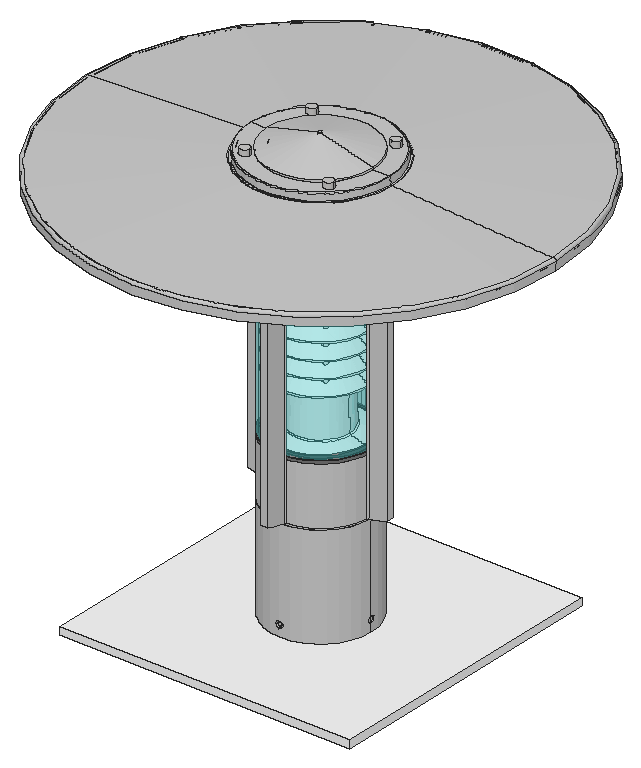
Revit family "BE_77142_de_DE", category Leuchten, Revit 2020 (continued)
Definition of nested family "BE_77142"
  Automatic sketch dimensions
    plane 3 "Mitte (Links/Rechts)" to Extrusion 40 sketch curve = 34.849 mm
    plane 1 "Mitte (Oben/Unten)" to Extrusion 41 sketch curve = 34.689 mm
    Extrusion 41 sketch curve to plane 3 "Mitte (Links/Rechts)" = 34.849 mm
    plane 3 "Mitte (Links/Rechts)" to Extrusion 42 sketch curve = 34.689 mm
    plane 1 "Mitte (Oben/Unten)" to Extrusion 42 sketch curve = 34.849 mm
    Extrusion 43 sketch curve to Extrusion 43 sketch curve = 0.396 mm  (x2)
    Extrusion 43 sketch curve to Extrusion 43 sketch curve = 1.479 mm  (x2)
    Extrusion 43 sketch curve to Extrusion 43 sketch curve = 1.757 mm
    Extrusion 43 sketch curve to Extrusion 43 sketch curve = 6.556 mm
    Extrusion 44 sketch curve to Extrusion 44 sketch curve = 0.396 mm  (x2)
    Extrusion 44 sketch curve to Extrusion 44 sketch curve = 1.479 mm  (x2)
    Extrusion 44 sketch curve to Extrusion 44 sketch curve = 1.757 mm
    Extrusion 44 sketch curve to Extrusion 44 sketch curve = 6.556 mm
    Extrusion 45 sketch curve to Extrusion 45 sketch curve = 0.396 mm  (x2)
    Extrusion 45 sketch curve to Extrusion 45 sketch curve = 1.479 mm  (x2)
    Extrusion 45 sketch curve to Extrusion 45 sketch curve = 1.757 mm
    Extrusion 45 sketch curve to Extrusion 45 sketch curve = 6.556 mm
    Extrusion 46 sketch curve to Extrusion 46 sketch curve = 0.396 mm  (x2)
    Extrusion 46 sketch curve to Extrusion 46 sketch curve = 1.479 mm  (x2)
    Extrusion 46 sketch curve to Extrusion 46 sketch curve = 1.757 mm
    Extrusion 46 sketch curve to Extrusion 46 sketch curve = 6.556 mm
    Extrusion 47 sketch curve to Extrusion 47 sketch curve = 0.396 mm  (x2)
    Extrusion 47 sketch curve to Extrusion 47 sketch curve = 1.479 mm  (x2)
    Extrusion 47 sketch curve to Extrusion 47 sketch curve = 1.757 mm
    Extrusion 47 sketch curve to Extrusion 47 sketch curve = 6.556 mm
    Extrusion 48 sketch curve to Extrusion 48 sketch curve = 0.396 mm  (x2)
    Extrusion 48 sketch curve to Extrusion 48 sketch curve = 1.479 mm  (x2)
    Extrusion 48 sketch curve to Extrusion 48 sketch curve = 1.757 mm
    Extrusion 48 sketch curve to Extrusion 48 sketch curve = 6.556 mm
    plane 3 "Mitte (Links/Rechts)" to Extrusion 43 sketch curve = 3.464 mm
    plane 1 "Mitte (Oben/Unten)" to Extrusion 43 sketch curve = 27.52 mm
    plane 1 "Mitte (Oben/Unten)" to Extrusion 44 sketch curve = 16.021 mm
    Extrusion 44 sketch curve to plane 3 "Mitte (Links/Rechts)" = 20.82 mm
    plane 1 "Mitte (Oben/Unten)" to Extrusion 45 sketch curve = 10.02 mm
    plane 3 "Mitte (Links/Rechts)" to Extrusion 45 sketch curve = 24.284 mm
    Extrusion 46 sketch curve to plane 1 "Mitte (Oben/Unten)" = 16.021 mm
    plane 3 "Mitte (Links/Rechts)" to Extrusion 46 sketch curve = 20.82 mm
    Extrusion 47 sketch curve to plane 3 "Mitte (Links/Rechts)" = 3.464 mm
    Extrusion 47 sketch curve to plane 1 "Mitte (Oben/Unten)" = 27.52 mm
    Extrusion 48 sketch curve to plane 1 "Mitte (Oben/Unten)" = 10.02 mm
    Extrusion 48 sketch curve to plane 3 "Mitte (Links/Rechts)" = 24.284 mm
    Revolve 49 sketch curve to plane 3 "Mitte (Links/Rechts)" = 0 mm
    Revolve 49 sketch curve to plane 3 "Mitte (Links/Rechts)" = 3.1 mm
    Revolve 49 sketch curve to Revolve 49 sketch curve = 1.414 mm  (x2)
    Revolve 49 sketch curve to Revolve 49 sketch curve = 3.708 mm
    Revolve 49 sketch curve to Revolve 49 sketch curve = 0.598 mm
    Revolve 49 sketch curve to Revolve 49 sketch curve = 52.594 mm
    Revolve 49 sketch curve to Revolve 49 sketch curve = 0.294 mm  (x2)
    Revolve 49 sketch curve to Revolve 49 sketch curve = 1 mm
    Revolve 49 sketch curve to Revolve 49 sketch curve = 1.706 mm
    Revolve 49 sketch curve to Revolve 49 sketch curve = 2 mm
    plane 5 to Revolve 49 sketch curve = 60.546 mm
    Revolve 49 sketch curve to Revolve 49 sketch curve = 2.231 mm
    Revolve 49 sketch curve to Revolve 49 sketch curve = 0.063 mm
    plane 5 to Revolve 49 sketch curve = 46.714 mm
    Revolve 49 sketch curve to Revolve 49 sketch curve = 0.579 mm
    Revolve 49 sketch curve to Revolve 49 sketch curve = 13.724 mm
    Revolve 49 sketch curve to Revolve 49 sketch curve = 0.707 mm  (x3)
    Revolve 49 sketch curve to Revolve 49 sketch curve = 0 mm  (x8)
    Revolve 49 sketch curve to Revolve 49 sketch curve = 0.966 mm  (x3)
    Revolve 49 sketch curve to Revolve 49 sketch curve = 4.009 mm
    Revolve 49 sketch curve to Revolve 49 sketch curve = 3.856 mm
    Revolve 50 sketch curve to plane 3 "Mitte (Links/Rechts)" = 0 mm  (x2)
    Revolve 50 sketch curve to Revolve 50 sketch curve = 6 mm
    plane 5 to Revolve 50 sketch curve = 61.452 mm
    Revolve 50 sketch curve to Revolve 50 sketch curve = 0.808 mm
    Revolve 50 sketch curve to Revolve 50 sketch curve = 0 mm  (x2)
    radius of Extrusion 22 sketch curve = 6.5 mm  (x4)
    radius of Extrusion 39 sketch curve = 4 mm
    radius of Extrusion 40 sketch curve = 4 mm
    radius of Extrusion 41 sketch curve = 4 mm
    radius of Extrusion 42 sketch curve = 4 mm
Types (4, lengths in mm): name | built-in parameter 1150104 | Wattage | built-in parameter 1150134 | Modell | M_G | M_A | built-in parameter 1150105 | Lumens | Leuchtenlichtstrom | Lampenlichtstrom | LED_Modulbezeichnung | Farbtemperatur | Datei für fotometrisches Netz | Bestellnummer | built-in parameter 1150106 | built-in parameter 1150107
  BEGA_77142_Silber_K3 | 10.839 (stored number, unit not read) | 37.8 W | (empty or 0) | "77142AK3" | no | yes | 350.95 (stored number, unit not read) | 4410.13 lm | "1791 lm" | "4590 lm" | "6x LED-0146/830" | "3000 K" | "BE_77142K3.IES" | "77142AK3" | 3.5095 (stored number, unit not read) | 3000 (stored number, unit not read)
  BEGA_77142_Silber_K4 | 11.65 (stored number, unit not read) | 37.8 W | 12 | "77142AK4" | no | yes | 377.21 (stored number, unit not read) | 4740.12 lm | "1838 lm" | "4710 lm" | "6x LED-0146/840" | "4000 K" | "BE_77142K4.IES" | "77142AK4" | 3.7721 (stored number, unit not read) | 4000 (stored number, unit not read)
  BEGA_77142_Grafit_K3 | 10.839 (stored number, unit not read) | 37.8 W | (empty or 0) | "77142K3" | yes | no | 350.95 (stored number, unit not read) | 4410.13 lm | "1791 lm" | "4590 lm" | "6x LED-0146/830" | "3000 K" | "BE_77142K3.IES" | "77142K3" | 3.5095 (stored number, unit not read) | 3000 (stored number, unit not read)
  BEGA_77142_Grafit_K4 | 13.8 (stored number, unit not read) | 125.4 W | 12 | "77142K4" | yes | no | 1482.3 (stored number, unit not read) | 18627.2 lm | "1838 lm" | "4710 lm" | "6x LED-0146/840" | "4000 K" | "BE_77142K4.IES" | "77142K4" | 14.823 (stored number, unit not read) | 4000 (stored number, unit not read)
